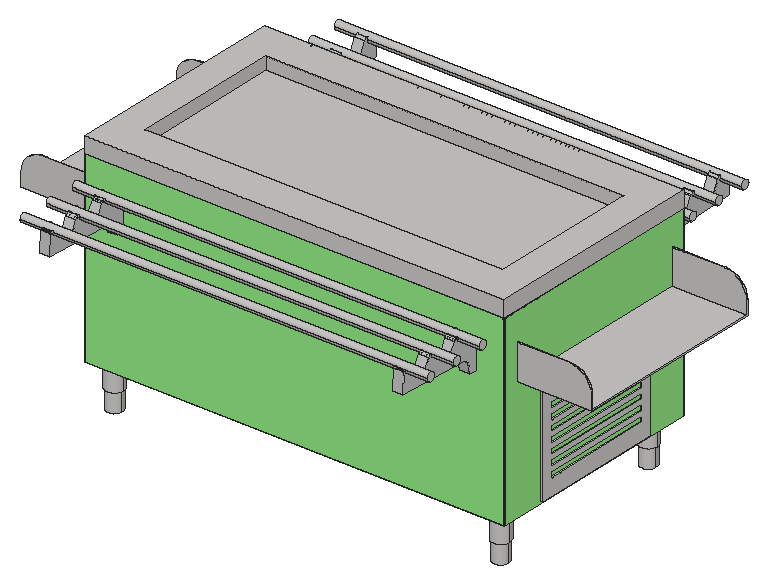
Revit family "QF_BOURGEAT_Self_Meuble_buffet_cuve_froid_statique", category Modèles génériques, Revit 2015
Parameters (values of type "4GN-buffet")
  roues = no
  presentoir = no
  pieds = yes
  lg_presentoir = lg_meuble_et_cuve - 112 mm  # 1422 mm
  lg_meuble_et_cuve = Longueur hors tout - 532 mm  # 1534 mm
  lg_barre = lg_meuble_et_cuve - 44 mm  # 1490 mm
  URL catalogue = "http://www.bourgeat.fr"
  URL = ""
  Type de Raccord Electrique = ""
  Type article = ""
  Type Fluide Frigorigène = "R404a"
  Tension = 230 V
  Spécification du Fabricant = "Meuble buffet cuve froid statique OASIS"
  Remarques Electricité = ""
  Puissance électrique  = 300 W
  Puissance frigorifique = "272W"
  Profondeur hors tout = 1465 mm
  Poids net à vide = 220.00 kg
  Phase = 2
  Niveau Sonore = "60dBa"
  Nature isolant = "mousse polyurethane"
  Modèle = "853594"
  Longueur hors tout = 2066 mm
  Intensité nominale = 1.30435 A
  Indice de protection = "21"
  Hauteur hors tout = 900 mm
  Fréquence = 50 Hz
  Fabricant = "BOURGEAT"
  Contact SAV = "0033(0)4.76.32.14.44"
  Classe Climatique = "3"
  Charge max = 200.00 kg
Types (13, lengths in mm): name | roues | presentoir | pieds | lg_presentoir | lg_meuble_et_cuve | lg_barre | Puissance électrique  | Poids net à vide | Modèle | Longueur hors tout | Intensité nominale | Hauteur hors tout
  (no name) | no | no | yes | 1422 | 1534 | 1490 | 300 W | 220.00 kg | "853594" | 2066 | 1.30435 A | 900
  5GN-buffet | no | no | yes | 1739 | 1851 | 1807 | 300 W | 250.00 kg | "853595" | 2383 | 1.30435 A | 900
  5GN-buffet+presentoir_lampe_fluorecente | no | yes | yes | 1739 | 1851 | 1807 | 340 W | 277.00 kg | "853595+853335" | 2383 | 1.47826 A | 1330
  5GN-buffet+presentoir_lampe_LED | no | yes | yes | 1739 | 1851 | 1807 | 340 W | 277.00 kg | "853595+853345" | 2383 | 1.47826 A | 1330
  5GN-buffet+roues | yes | no | no | 1739 | 1851 | 1807 | 300 W | 250.00 kg | "853595+854950" | 2383 | 1.30435 A | 900
  5GN-buffet+presentoir_lampe_fluorecente+roues | yes | yes | no | 1739 | 1851 | 1807 | 340 W | 277.00 kg | "853595+853335+854950" | 2383 | 1.47826 A | 1330
  5GN-buffet+presentoir_lampe_LED+roues | yes | yes | no | 1739 | 1851 | 1807 | 340 W | 277.00 kg | "853595+853345+854950" | 2383 | 1.47826 A | 1330
  4GN-buffet | no | no | yes | 1422 | 1534 | 1490 | 300 W | 220.00 kg | "853594" | 2066 | 1.30435 A | 900
  4GN-buffet+presentoir_lampe_fluorecente | no | yes | yes | 1422 | 1534 | 1490 | 332 W | 242.00 kg | "853594+853334" | 2066 | 1.44348 A | 900
  4GN-buffet+presentoir_lampe_LED | no | yes | yes | 1422 | 1534 | 1490 | 332 W | 242.00 kg | "853594+853344" | 2066 | 1.44348 A | 900
  4GN-buffet+roues | yes | no | no | 1422 | 1534 | 1490 | 300 W | 220.00 kg | "853594+854950" | 2066 | 1.30435 A | 900
  4GN-buffet+presentoir_lampe_fluorecente+roues | no | yes | yes | 1422 | 1534 | 1490 | 332 W | 242.00 kg | "853594+853334+854950" | 2066 | 1.44348 A | 900
  4GN-buffet+presentoir_lampe_LED+roues | yes | yes | no | 1422 | 1534 | 1490 | 332 W | 242.00 kg | "853594+853344+854950" | 2066 | 1.44348 A | 900
Reference planes
  plane 1 "Centre (avant/arrière)": y = 0
  plane 2: z = 0
  plane 3 "Centre (gauche/droite)": x = 0
  plane 4: z = 630
  plane 5: x = -1751
  plane 6: y = 100
  plane 7: x = -100
  plane 8: y = 720
  plane 9: z = 610
Dimensions and locks
  locked: plane 9 to plane 2 at 610
  locked: plane 4 to plane 2 at 630
  aligned and locked: level to plane 2
  aligned and locked: plane 3 "Centre (gauche/droite)" to nested 1
  aligned and locked: plane 1 "Centre (avant/arrière)" to nested 1
  aligned and locked: nested 1 to nested 2
  aligned and locked: nested 2 to nested 1  (x2)
  aligned and locked: nested 2 to nested 3
  aligned and locked: nested 2 to nested 4
  aligned and locked: nested 3 to nested 1
  aligned and locked: nested 4 to nested 1
  aligned and locked: plane 4 to nested 4
  aligned and locked: plane 4 to nested 3
  aligned and locked: nested 5 to nested 2
  aligned and locked: nested 2 to nested 5  (x2)
  aligned and locked: nested 7 to nested 1
  aligned and locked: nested 6 to nested 1
  aligned and locked: nested 6 to plane 9
  aligned and locked: nested 7 to plane 9
  aligned and locked: nested 5 to nested 6
  aligned and locked: nested 5 to nested 7
  aligned and locked: nested 8 to nested 1
Nested families
  nested 1: "corps_meuble" at (0, 0, 160), type "corps_meuble"
    with roues no, pieds yes
  nested 2: "cuve_buffet" at (-767, 410, 790), type "cuve_30"
  nested 3: "barre_et_console" at (-767, 820, 455), type "barre_et_console"
  nested 4: "barre_et_console" at (-767, 0, 455) x (-1, 0, 0) z (0, 0, 1), type "barre_et_console"
  nested 5: "presentoir_buffet" at (-767, 410, 551.997) x (0, 1, 0) z (0, 0, 1), visible <- "presentoir", type "presentoir_buffet"
  nested 6: "support_couverts" at (-1811, 410, 610) x (0, 1, 0) z (0, 0, 1), type "support_couverts"
  nested 7: "support_couverts" at (277, 410, 610) x (0, -1, 0) z (0, 0, 1), type "support_couverts"
  nested 8: "porte_groupe_froid" at (0, 408.676, 0) x (0, 1, 0) z (0, 0, 1), type "porte_groupe_froid"
Connectors
  electrical at (-88, 203, 146.852), driven by "Tension"
    settings: on nested 1, index 1, voltage 230 V, apparent load 0 VA, apparent load phase1 300 VA, apparent load phase2 0 VA, apparent load phase3 0 VA, power factor 1, load classification "Autre", number of poles 1, system type 30, power factor state 1, is connector primary yes, connector utility no, sub classification motor no, connector description ""
Definition of nested family "corps_meuble"
  Parameters (values of type "corps_meuble")
    roues = yes
    pieds = no
    lg_meuble = Largeur_hors_tout - 532 mm  # 1534 mm
    Largeur_hors_tout = 2066 mm
  Reference planes
    plane 1 "Centre (avant/arrière)": y = 0
    plane 2: z = 0
    plane 3 "Centre (gauche/droite)": x = 0
    plane 4: z = 680
    plane 5: x = -767
    plane 6: x = -1534
    plane 7: x = -60
    plane 8: y = 410
    plane 9: x = -1474
    plane 10: y = 760
    plane 11: y = 60
    plane 12: z = 580
    plane 13: y = 203
    plane 14: x = -88
    plane 15: x = -1535
    plane 16: y = 821.014
    plane 17: x = 1
    plane 18: y = -1
  Forms (mm)
    Extrusion 1, solid
      sketch origin (0, 4.186, 0) x (1, 0, 0) y (0, 1, 0)
        loop
          line (-1534, 815.814) -> (-1534, -4.186) -> (0, -4.186) -> (0, 815.814) -> (-193, 815.814) -> (-1298, 815.814) -> (-1534, 815.814)
      from 0 to 680
    Extrusion 2, void
      sketch origin (0, 0, 0) x (1, 0, 0) y (0, 1, 0)
        loop
          line (-1474, 760) -> (-1474, 60) -> (-60, 60) -> (-60, 760) -> (-1474, 760)
      from 580 to 765.361
    Extrusion 3, solid
      sketch origin (0, 0, 0) x (1, 0, 0) y (0, 1, 0)
        loop
          circle (-88, 203) r 10
      from 0 to -13.148
    Extrusion 4, solid
      sketch origin (0, 0, 0) x (1, 0, 0) y (0, 1, 0)
        loop
          line (-1535, -1) -> (1, -1) -> (1, 0) -> (-1535, 0) -> (-1535, -1)
        loop
          line (-1535, 821.014) -> (-1535, 820) -> (1, 820) -> (1, 821.014) -> (-1535, 821.014)
      from 0 to 680
    Extrusion 5, solid
      sketch origin (0, 0, 0) x (1, 0, 0) y (0, 1, 0)
        loop
          line (-1535, 0) -> (-1534, 0) -> (-1534, 820) -> (-1535, 820) -> (-1535, 0)
        loop
          line (1, 820) -> (0, 820) -> (0, 0) -> (1, 0) -> (1, 820)
      from 0 to 680
  Cuts and joins
    Extrusion 2 cuts Extrusion 1
  Dimensions and locks
    locked: plane 4 to plane 2 at 680
    "lg_meuble": plane 6 to plane 3 "Centre (gauche/droite)"
    equal spacing: plane 6, plane 5, plane 3 "Centre (gauche/droite)"
    locked: plane 7 to plane 3 "Centre (gauche/droite)" at 60
    locked: plane 1 "Centre (avant/arrière)" to Extrusion 1 at 820
    plane 1 "Centre (avant/arrière)" to plane 8 = 410 mm
    locked: plane 6 to plane 9 at 60
    locked: Extrusion 1 to plane 10 at 60
    plane 1 "Centre (avant/arrière)" to plane 11 = 60 mm
    plane 4 to plane 12 = 100 mm
    locked: plane 14 to plane 3 "Centre (gauche/droite)" at 88
    aligned and locked: level to plane 2
    aligned and locked: Extrusion 1 sketch curve to Extrusion 1 sketch curve
    aligned and locked: plane 4 to Extrusion 1
    aligned and locked: Extrusion 1 to Extrusion 1
    aligned and locked: plane 1 "Centre (avant/arrière)" to Extrusion 1
    aligned and locked: Extrusion 1 to plane 6
    aligned and locked: Extrusion 2 sketch curve to plane 10
    aligned and locked: Extrusion 2 sketch curve to plane 9
    aligned and locked: Extrusion 2 sketch curve to plane 11
    aligned and locked: Extrusion 2 sketch curve to plane 7
    aligned and locked: cut or joined group of Extrusion 1, Extrusion 2 to plane 12
    aligned and locked: nested 1 to plane 10
    aligned and locked: plane 11 to nested 2
    aligned and locked: nested 2 to plane 9
    aligned and locked: nested 3 to plane 10
    aligned and locked: plane 11 to nested 4
    aligned and locked: nested 4 to plane 7
    aligned and locked: plane 9 to nested 6
    aligned and locked: plane 11 to nested 5
    aligned and locked: nested 5 to plane 9
    aligned and locked: plane 11 to nested 8
    aligned and locked: nested 8 to plane 7
    aligned and locked: nested 7 to plane 10
    aligned and locked: nested 4 to plane 2
    aligned and locked: nested 3 to plane 2
    aligned and locked: nested 7 to plane 2
    aligned and locked: nested 2 to plane 2
    aligned and locked: nested 1 to plane 2
    aligned and locked: nested 5 to plane 2
    aligned and locked: nested 6 to plane 2
    aligned and locked: plane 9 to nested 1
    aligned and locked: plane 14 to Extrusion 3 sketch curve
    aligned and locked: plane 13 to Extrusion 3 sketch curve
    aligned and locked: Extrusion 3 to nested 7
    aligned and locked: plane 18 to Extrusion 4 sketch curve
    aligned and locked: Extrusion 4 sketch curve to plane 1 "Centre (avant/arrière)"
    aligned and locked: plane 17 to Extrusion 4 sketch curve
    aligned and locked: plane 15 to Extrusion 4 sketch curve
    aligned and locked: Extrusion 4 sketch curve to plane 16
    aligned and locked: Extrusion 4 sketch curve to cut or joined group of Extrusion 1, Extrusion 2
    aligned and locked: Extrusion 4 sketch curve to plane 17
    aligned and locked: Extrusion 5 sketch curve to Extrusion 4  (x2)
    aligned and locked: cut or joined group of Extrusion 1, Extrusion 2 to Extrusion 5 sketch curve  (x2)
    aligned and locked: Extrusion 5 sketch curve to cut or joined group of Extrusion 1, Extrusion 2  (x3)
    aligned and locked: plane 1 "Centre (avant/arrière)" to Extrusion 5 sketch curve
    aligned and locked: Extrusion 4 to Extrusion 5
    aligned and locked: plane 4 to Extrusion 4
  Automatic sketch dimensions
    Extrusion 1 sketch curve to plane 1 "Centre (avant/arrière)" = 0 mm
    Extrusion 1 sketch curve to plane 3 "Centre (gauche/droite)" = 0 mm
    Extrusion 1 sketch curve to plane 5 = 531 mm
    Extrusion 1 sketch curve to plane 5 = 767 mm
    Extrusion 1 sketch curve to plane 1 "Centre (avant/arrière)" = 820 mm
    Extrusion 1 sketch curve to Extrusion 1 sketch curve = 820 mm
    Extrusion 1 sketch curve to Extrusion 1 sketch curve = 0 mm  (x3)
    Extrusion 1 sketch curve to plane 7 = 133 mm
    Extrusion 4 sketch curve to plane 15 = 0 mm
    radius of Extrusion 3 sketch curve = 10 mm
  Nested families
    nested 1: "pied" at (-1474, 760, -160), visible <- "pieds", type "pied"
    nested 2: "pied" at (-1474, 60, -160), visible <- "pieds", type "pied"
    nested 3: "pied" at (-80, 760, -160), visible <- "pieds", type "pied"
    nested 4: "pied" at (-60, 60, -160), visible <- "pieds", type "pied"
    nested 5: "roue_ht160" at (-1474, 60, -160.21), visible <- "roues", type "roue_ht160"
      with Sans frein yes, Avec frein yes
    nested 6: "roue_ht160" at (-1474, 740, -160.21), visible <- "roues", type "roue_ht160"
      with Sans frein yes, Avec frein yes
    nested 7: "roue_ht160" at (-80, 760, -160.21), visible <- "roues", type "roue_ht160"
      with Sans frein yes, Avec frein yes
    nested 8: "roue_ht160" at (-60, 60, -160.21), visible <- "roues", type "roue_ht160"
      with Sans frein yes, Avec frein yes
  Definition of nested family "pied"
    Reference planes
      plane 1 "Centre (avant/arrière)": y = 0
      plane 2: z = 0
      plane 3 "Centre (gauche/droite)": x = 0
    Forms (mm)
      Revolve 1, solid
        sketch origin (0, 0, 0) x (1, 0, 0) y (0, 0, 1)
          loop
            line (0, 160) -> (-33, 160) -> (-33, 70) -> (-28, 70) -> (-28, 0) -> (0, 0) -> (0, 160)
          axis (0, 160) -> (0, 0)
        angle from 0 to 360
    Dimensions and locks
      plane 3 "Centre (gauche/droite)" to Revolve 1 sketch curve = 28 mm
      Revolve 1 sketch curve to plane 3 "Centre (gauche/droite)" = 33 mm
      Revolve 1 sketch curve to plane 2 = 70 mm
      Revolve 1 sketch curve to Revolve 1 sketch curve = 90 mm
      aligned and locked: level to plane 2
  Definition of nested family "roue_ht160"
    Parameters (values of type "roue_ht160")
      Sans frein [instance] = yes
      Avec frein [instance] = yes
    Reference planes
      plane 1 "Centre (avant/arrière)": y = 0
      plane 2: z = 0
      plane 3 "Centre (gauche/droite)": x = 0
      plane 4: y = 40.851
      plane 5: z = 62.5
    Forms (mm)
      Extrusion 1, solid
        sketch origin (0, 0, 0) x (0, 1, 0) y (0, 0, 1)
          loop
            circle (40.851, 62.5) r 62.5
          loop
            circle (40.851, 62.5) r 57.5
        from -12.5 to 12.5
      Revolve 2, solid
        sketch origin (0, 0, 0) x (0, 1, 0) y (0, 0, 1)
          loop
            line (0, 160.21) -> (-20.149, 160.21) -> (-20.149, 159.41) -> (-21.6, 159.41)
            arc (-21.6, 159.41) -> (-24.448, 158.65) -> (-26.537, 156.572) r 5.712
            line (-26.537, 156.572) -> (-30.146, 147.743) -> (-26.999, 147.062) -> (-26.999, 146.112)
            arc (-26.999, 146.112) -> (-27.23, 145.314) -> (-27.849, 144.761) r 1.5
            arc (-27.849, 144.761) -> (-29.223, 143.633) -> (-29.923, 142) r 3.75
            line (-29.923, 142) -> (0, 142) -> (0, 160.21)
          axis (0, 160.21) -> (0, 142)
        angle from 0 to 360
      Extrusion 3, solid
        sketch origin (0, 0, 0) x (0, 1, 0) y (0, 0, -1)
          loop
            line (-29.974, -138.241) -> (-29.974, -142) -> (21.747, -142) -> (21.747, -60.336)
            arc (21.747, -60.336) -> (10.272, -70.702) -> (-0.149, -82.127) r 160.057
            arc (-0.149, -82.127) -> (-17.883, -108.684) -> (-29.974, -138.241) r 159.585
        from -24.913 to -23.038
      Extrusion 4, solid
        sketch origin (0, 0, 0) x (0, 1, 0) y (0, 0, 1)
          loop
            line (-29.974, 142) -> (-29.974, 140.869) -> (21.747, 140.869) -> (21.747, 142) -> (-29.974, 142)
        from -23.038 to 23.038
      Extrusion 5, solid
        sketch origin (0, 0, 0) x (0, 1, 0) y (0, 0, 1)
          loop
            circle (40.851, 62.5) r 57.5
          loop
            circle (40.851, 62.5) r 55
        from -12.5 to 12.5
      Extrusion 6, solid
        sketch origin (0, 0, 0) x (0, 1, 0) y (0, 0, 1)
          loop
            circle (40.851, 62.5) r 55
        from -7 to 7
      Extrusion 7, solid
        sketch origin (0, 0, 0) x (0, 1, 0) y (0, 0, 1)
          loop
            circle (40.851, 62.5) r 21
        from 7 to 15
      Extrusion 8, solid
        sketch origin (0, 0, 0) x (0, 1, 0) y (0, 0, -1)
          loop
            circle (40.851, -62.5) r 16
        from -23.038 to -15
      Extrusion 9, solid, visible <- "Sans frein"
        sketch origin (0, 0, 0) x (0, 1, 0) y (0, 0, 1)
          loop
            arc (21.747, 60.336) -> (23.188, 59.17) -> (24.642, 58.02) r 161.23
            arc (24.642, 58.02) -> (29.34, 54.513) -> (34.187, 51.216) r 133.333
            arc (34.187, 51.216) -> (46.517, 50.3) -> (53.927, 60.198) r 12.867
            arc (53.927, 60.198) -> (54.714, 99.183) -> (46.119, 137.216) r 161.222
            arc (46.119, 137.216) -> (45.679, 138.887) -> (45.531, 140.609) r 10.076
            line (45.531, 140.609) -> (45.531, 142) -> (21.747, 142) -> (21.747, 60.336)
        from 23.038 to 24.913
      Extrusion 10, solid, visible <- "Sans frein"
        sketch origin (0, 0, 0) x (0, 1, 0) y (0, 0, 1)
          loop
            line (21.747, 142) -> (21.747, 140.701) -> (48.851, 140.701) -> (48.851, 142) -> (21.747, 142)
        from -23.038 to 23.038
      Extrusion 11, solid, visible <- "Avec frein"
        sketch origin (0, 0, 0) x (0, 1, 0) y (0, 0, 1)
          loop
            line (21.747, 142) -> (21.747, 60.336)
            arc (21.747, 60.336) -> (23.177, 59.179) -> (24.62, 58.038) r 160.008
            arc (24.62, 58.038) -> (29.041, 54.705) -> (33.574, 51.527) r 160
            arc (33.574, 51.527) -> (46.135, 50.422) -> (53.724, 60.491) r 13
            arc (53.724, 60.491) -> (55.279, 82.092) -> (53.902, 103.704) r 160
            arc (53.902, 103.704) -> (55.53, 108.653) -> (60.415, 110.463) r 6
            arc (60.415, 110.463) -> (80.625, 109.924) -> (100.725, 112.107) r 150
            arc (100.725, 112.107) -> (104.408, 113.406) -> (107.479, 115.819) r 12
            line (107.479, 115.819) -> (110.851, 121.523)
            arc (110.851, 121.523) -> (85.913, 134.651) -> (58.706, 142) r 127.902
            line (58.706, 142) -> (21.747, 142)
        from 23.038 to 24.913
      Extrusion 12, solid, visible <- "Avec frein"
        sketch origin (0, 0, 0) x (0, 1, 0) y (0, 0, 1)
          loop
            line (58.706, 142) -> (21.747, 142) -> (21.747, 140) -> (58.552, 140)
            arc (58.552, 140) -> (85.253, 132.762) -> (109.73, 119.866) r 125.902
            line (109.73, 119.866) -> (110.851, 121.523)
            arc (110.851, 121.523) -> (85.913, 134.651) -> (58.706, 142) r 127.902
        from -23.038 to 23.038
      Extrusion 13, solid, visible <- "Avec frein"
        sketch origin (0, 19.896, 18.175) x (0, 1, 0) y (0, 0, 1)
          loop
            line (87.583, 97.644) -> (91.829, 95.227)
            arc (91.829, 95.227) -> (93.8, 95.006) -> (95.312, 96.29) r 2.5
            arc (95.312, 96.29) -> (103.495, 100.002) -> (111.176, 104.666) r 74.999
            line (111.176, 104.666) -> (110.852, 105.929)
            arc (110.852, 105.929) -> (110.04, 107.086) -> (108.666, 107.417) r 2
            arc (108.666, 107.417) -> (101.396, 105.849) -> (94.512, 103.034) r 42.354
            line (94.512, 103.034) -> (93.479, 101.228) -> (93.285, 100.414) -> (91.69, 101.675) -> (90.401, 102.412) -> (87.583, 97.644)
        from -23.038 to 23.038
      Extrusion 14, solid, not visible
        sketch origin (0, 0, 0) x (0, 1, 0) y (0, 0, -1)
          loop
            line (-29.974, -138.241) -> (-29.974, -142) -> (21.747, -142) -> (21.747, -60.336)
            arc (21.747, -60.336) -> (10.272, -70.702) -> (-0.149, -82.127) r 160.057
            arc (-0.149, -82.127) -> (-17.883, -108.684) -> (-29.974, -138.241) r 159.585
        from -24.913 to -23.038
      Extrusion 15, solid, not visible
        sketch origin (0, 0, 0) x (0, 1, 0) y (0, 0, 1)
          loop
            circle (40.851, 62.5) r 21
        from 7 to 15
      Extrusion 16, solid, not visible
        sketch origin (0, 0, 0) x (0, 1, 0) y (0, 0, -1)
          loop
            circle (40.851, -62.5) r 16
        from -23.038 to -15
      Extrusion 17, solid, visible <- "Sans frein", not visible
        sketch origin (0, 0, 0) x (0, 1, 0) y (0, 0, 1)
          loop
            arc (21.747, 60.336) -> (23.188, 59.17) -> (24.642, 58.02) r 161.23
            arc (24.642, 58.02) -> (29.34, 54.513) -> (34.187, 51.216) r 133.333
            arc (34.187, 51.216) -> (46.517, 50.3) -> (53.927, 60.198) r 12.867
            arc (53.927, 60.198) -> (54.714, 99.183) -> (46.119, 137.216) r 161.222
            arc (46.119, 137.216) -> (45.679, 138.887) -> (45.531, 140.609) r 10.076
            line (45.531, 140.609) -> (45.531, 142) -> (21.747, 142) -> (21.747, 60.336)
        from 23.038 to 24.913
      Extrusion 18, solid, visible <- "Avec frein", not visible
        sketch origin (0, 0, 0) x (0, 1, 0) y (0, 0, 1)
          loop
            line (21.747, 142) -> (21.747, 60.336)
            arc (21.747, 60.336) -> (23.177, 59.179) -> (24.62, 58.038) r 160.008
            arc (24.62, 58.038) -> (29.041, 54.705) -> (33.574, 51.527) r 160
            arc (33.574, 51.527) -> (46.135, 50.422) -> (53.724, 60.491) r 13
            arc (53.724, 60.491) -> (55.279, 82.092) -> (53.902, 103.704) r 160
            arc (53.902, 103.704) -> (55.53, 108.653) -> (60.415, 110.463) r 6
            arc (60.415, 110.463) -> (80.625, 109.924) -> (100.725, 112.107) r 150
            arc (100.725, 112.107) -> (104.408, 113.406) -> (107.479, 115.819) r 12
            line (107.479, 115.819) -> (110.851, 121.523)
            arc (110.851, 121.523) -> (85.913, 134.651) -> (58.706, 142) r 127.902
            line (58.706, 142) -> (21.747, 142)
        from 23.038 to 24.913
      Extrusion 19, solid
        sketch origin (0, 0, 0) x (0, -1, 0) y (0, 0, -1)
          loop
            arc (29.974, -138.241) -> (17.883, -108.684) -> (0.149, -82.127) r 159.585
            arc (0.149, -82.127) -> (-10.272, -70.702) -> (-21.747, -60.336) r 160.057
            line (-21.747, -60.336) -> (-21.747, -142) -> (29.974, -142) -> (29.974, -138.241)
        from -24.913 to -23.038
      Extrusion 20, solid
        sketch origin (0, 0, 0) x (0, -1, 0) y (0, 0, 1)
          loop
            circle (-40.851, 62.5) r 21
        from 7 to 15
      Extrusion 21, solid
        sketch origin (0, 0, 0) x (0, -1, 0) y (0, 0, -1)
          loop
            circle (-40.851, -62.5) r 16
        from -23.038 to -15
      Extrusion 22, solid, visible <- "Sans frein"
        sketch origin (0, 0, 0) x (0, -1, 0) y (0, 0, 1)
          loop
            line (-21.747, 60.336) -> (-21.747, 142) -> (-45.531, 142) -> (-45.531, 140.609)
            arc (-45.531, 140.609) -> (-45.679, 138.887) -> (-46.119, 137.216) r 10.076
            arc (-46.119, 137.216) -> (-54.714, 99.183) -> (-53.927, 60.198) r 161.222
            arc (-53.927, 60.198) -> (-46.517, 50.3) -> (-34.187, 51.216) r 12.867
            arc (-34.187, 51.216) -> (-29.34, 54.513) -> (-24.642, 58.02) r 133.333
            arc (-24.642, 58.02) -> (-23.188, 59.17) -> (-21.747, 60.336) r 161.23
        from 23.038 to 24.913
      Extrusion 23, solid, visible <- "Avec frein"
        sketch origin (0, 0, 0) x (0, -1, 0) y (0, 0, 1)
          loop
            line (-21.747, 142) -> (-58.706, 142)
            arc (-58.706, 142) -> (-85.913, 134.651) -> (-110.851, 121.523) r 127.902
            line (-110.851, 121.523) -> (-107.479, 115.819)
            arc (-107.479, 115.819) -> (-104.408, 113.406) -> (-100.725, 112.107) r 12
            arc (-100.725, 112.107) -> (-80.625, 109.924) -> (-60.415, 110.463) r 150
            arc (-60.415, 110.463) -> (-55.53, 108.653) -> (-53.902, 103.704) r 6
            arc (-53.902, 103.704) -> (-55.279, 82.092) -> (-53.724, 60.491) r 160
            arc (-53.724, 60.491) -> (-46.135, 50.422) -> (-33.574, 51.527) r 13
            arc (-33.574, 51.527) -> (-29.041, 54.705) -> (-24.62, 58.038) r 160
            arc (-24.62, 58.038) -> (-23.177, 59.179) -> (-21.747, 60.336) r 160.008
            line (-21.747, 60.336) -> (-21.747, 142)
        from 23.038 to 24.913
    Dimensions and locks
      aligned and locked: level to plane 2
Definition of nested family "cuve_buffet"
  Parameters (values of type "cuve_30")
    profondeur_cuve = 48 mm
    lg_cuve = 1534 mm
  Reference planes
    plane 1 "Centre (avant/arrière)": y = 0
    plane 2: z = 0
    plane 3 "Centre (gauche/droite)": x = 0
    plane 4: y = 410
    plane 5: y = -410
    plane 6: x = -767
    plane 7: x = 767
    plane 8: z = 110
    plane 9: y = 277
    plane 10: y = -277
    plane 11: x = 655
    plane 12: x = -655
    plane 13: z = 62
    plane 14: y = -279
    plane 15: x = -657
    plane 16: y = 279
    plane 17: x = 657
    plane 18: z = 50
    plane 19: z = 82
  Forms (mm)
    Extrusion 1, solid
      sketch origin (12, -10, 0) x (1, 0, 0) y (0, 1, 0)
        loop
          line (-779, 420) -> (-779, -400) -> (755, -400) -> (755, 420) -> (-779, 420)
      from 0 to 110
    Extrusion 2, void
      sketch origin (0, 0, 0) x (1, 0, 0) y (0, 1, 0)
        loop
          line (-655, 277) -> (-655, -277) -> (655, -277) -> (655, 277) -> (-655, 277)
      from 62 to 250
    Extrusion 3, void
      sketch origin (0, 0, 0) x (1, 0, 0) y (0, 1, 0)
        loop
          line (-657, 279) -> (-657, -279) -> (657, -279) -> (657, 279) -> (-657, 279)
        loop
          line (-837, 480) -> (-837, -480) -> (837, -480) -> (837, 480) -> (-837, 480)
      from 0 to 50
  Cuts and joins
    Extrusion 2, Extrusion 3 cuts Extrusion 1
  Dimensions and locks
    equal spacing: plane 4, plane 1 "Centre (avant/arrière)", plane 5, locked at 410 each
    plane 4 to plane 5 = 820 mm
    equal spacing: plane 6, plane 3 "Centre (gauche/droite)", plane 7
    "lg_cuve": plane 6 to plane 7
    plane 8 to plane 2 = 110 mm
    locked: plane 5 to plane 10 at 133
    locked: plane 4 to plane 9 at 133
    locked: plane 11 to plane 7 at 112
    locked: plane 6 to plane 12 at 112
    locked: plane 16 to plane 9 at 2
    locked: plane 15 to plane 12 at 2
    locked: plane 14 to plane 10 at 2
    locked: plane 11 to plane 17 at 2
    locked: Extrusion 3 sketch curve to plane 6 at 70
    locked: Extrusion 3 sketch curve to plane 5 at 70
    locked: plane 7 to Extrusion 3 sketch curve at 70
    locked: Extrusion 3 sketch curve to plane 4 at 70
    locked: plane 8 to plane 18 at 60
    locked: cut or joined group of Extrusion 1, Extrusion 2, Extrusion 3 to cut or joined group of Extrusion 1, Extrusion 2, Extrusion 3 at 554
    "profondeur_cuve": plane 8 to plane 13
    aligned and locked: plane 2 to level
    aligned and locked: plane 6 to Extrusion 1 sketch curve
    aligned and locked: Extrusion 1 sketch curve to plane 7
    aligned and locked: plane 8 to Extrusion 1
    aligned and locked: plane 4 to Extrusion 1
    aligned and locked: plane 5 to Extrusion 1
    aligned and locked: Extrusion 2 sketch curve to plane 9
    aligned and locked: Extrusion 2 sketch curve to plane 12
    aligned and locked: Extrusion 2 sketch curve to plane 10
    aligned and locked: Extrusion 2 sketch curve to plane 11
    aligned and locked: cut or joined group of Extrusion 1, Extrusion 2, Extrusion 3 to plane 13
    aligned and locked: Extrusion 3 sketch curve to plane 16
    aligned and locked: Extrusion 3 sketch curve to plane 15
    aligned and locked: Extrusion 3 sketch curve to plane 14
    aligned and locked: Extrusion 3 sketch curve to plane 17
    aligned and locked: cut or joined group of Extrusion 1, Extrusion 2, Extrusion 3 to plane 18
  Automatic sketch dimensions
    Extrusion 1 sketch curve to plane 5 = 0 mm
    plane 4 to Extrusion 1 sketch curve = 0 mm
Definition of nested family "barre_et_console"
  Parameters (values of type "barre_et_console")
    lg_ht = 1534 mm
    lg_barre_console = lg_ht - 44 mm  # 1490 mm
  Reference planes
    plane 1 "Centre (avant/arrière)": y = 0
    plane 2: z = 0
    plane 3 "Centre (gauche/droite)": x = 0
    plane 4: x = -745
    plane 5: x = 745
    plane 6: x = -645
    plane 7: x = 645
    plane 8: z = 320.378
    plane 9: z = 175
  Dimensions and locks
    locked: plane 4 to plane 6 at 100
    locked: plane 7 to plane 5 at 100
    equal spacing: plane 4, plane 3 "Centre (gauche/droite)", plane 5
    "lg_barre_console": plane 4 to plane 5
    aligned and locked: level to plane 2
    aligned and locked: nested 1 to plane 1 "Centre (avant/arrière)"
    aligned and locked: plane 6 to nested 1
    aligned and locked: plane 7 to nested 2
    aligned and locked: plane 5 to nested 3
    aligned and locked: nested 3 to plane 4
    aligned and locked: plane 8 to nested 3
    aligned and locked: plane 9 to nested 1
  Nested families
    nested 1: "console" at (-645, 0, 0) x (0, 1, 0) z (0, 0, 1), type "console"
    nested 2: "console" at (645, 0, 0) x (0, 1, 0) z (0, 0, 1), type "console"
    nested 3: "barre" at (745, 0, 19.415) x (0, 1, 0) z (0, 0, 1), type "barre"
  Definition of nested family "console"
    Reference planes
      plane 1 "Centre (avant/arrière)": y = 0
      plane 2: z = 0
      plane 3 "Centre (gauche/droite)": x = 0
      plane 4: y = 18
      plane 5: y = -18
      plane 6: y = 0
    Forms (mm)
      Extrusion 1, solid
        sketch origin (-12.245, 0, 175) x (1, 0, 0) y (0, 0, 1)
          loop
            line (12.245, 100) -> (12.245, 0) -> (39.579, 4.82) -> (50.894, 44.279)
            arc (50.894, 44.279) -> (55.986, 52.254) -> (64.592, 56.187) r 16.714
            line (64.592, 56.187) -> (348.499, 69.146) -> (343.309, 143.358)
            arc (343.309, 143.358) -> (342.973, 144.595) -> (342.189, 145.609) r 3.292
            line (342.189, 145.609) -> (337.923, 148.439)
            arc (337.923, 148.439) -> (337.371, 148.545) -> (336.906, 148.229) r 0.731
            arc (336.906, 148.229) -> (320.176, 130.386) -> (309.012, 152.149) r 14.958
            arc (309.012, 152.149) -> (308.597, 152.587) -> (308.001, 152.491) r 0.646
            line (308.001, 152.491) -> (297.265, 144.401) -> (278.874, 108.385)
            arc (278.874, 108.385) -> (262.102, 99.164) -> (245.329, 108.385) r 19.864
            line (245.329, 108.385) -> (229.634, 139.188) -> (217.945, 148.321)
            arc (217.945, 148.321) -> (217.306, 148.53) -> (216.976, 147.944) r 0.53
            arc (216.976, 147.944) -> (200.124, 130.629) -> (188.973, 152.064) r 14.905
            arc (188.973, 152.064) -> (188.691, 152.524) -> (188.154, 152.476) r 0.511
            line (188.154, 152.476) -> (177.098, 144.144) -> (158.855, 108.341)
            arc (158.855, 108.341) -> (142.039, 98.901) -> (125.223, 108.341) r 19.698
            line (125.223, 108.341) -> (109.334, 139.526) -> (97.932, 148.434)
            arc (97.932, 148.434) -> (97.187, 148.438) -> (96.994, 147.718) r 0.61
            arc (96.994, 147.718) -> (79.923, 130.663) -> (69.024, 152.192) r 14.902
            arc (69.024, 152.192) -> (68.66, 152.548) -> (68.158, 152.464) r 0.563
            line (68.158, 152.464) -> (57.103, 144.336) -> (39.164, 108.745)
            arc (39.164, 108.745) -> (33.443, 102.448) -> (25.295, 100) r 15.908
            line (25.295, 100) -> (12.245, 100)
        from -18 to 18
    Dimensions and locks
      plane 4 to plane 5 = 36 mm
      equal spacing: plane 4, plane 6, plane 5, locked at 18 each
      aligned and locked: level to plane 2
      aligned and locked: plane 4 to Extrusion 1
      aligned and locked: Extrusion 1 to plane 5
      aligned and locked: plane 6 to plane 1 "Centre (avant/arrière)"
      aligned and locked: Extrusion 1 to plane 3 "Centre (gauche/droite)"
    Automatic sketch dimensions
      Extrusion 1 sketch curve to Extrusion 1 sketch curve = 12.714 mm
      Extrusion 1 sketch curve to Extrusion 1 sketch curve = 13.05 mm
      Extrusion 1 sketch curve to Extrusion 1 sketch curve = 14.206 mm
      Extrusion 1 sketch curve to Extrusion 1 sketch curve = 27.334 mm
      Extrusion 1 sketch curve to Extrusion 1 sketch curve = 11.315 mm
      Extrusion 1 sketch curve to Extrusion 1 sketch curve = 17.938 mm
      Extrusion 1 sketch curve to Extrusion 1 sketch curve = 13.698 mm
      Extrusion 1 sketch curve to Extrusion 1 sketch curve = 16.057 mm
      Extrusion 1 sketch curve to Extrusion 1 sketch curve = 11.055 mm
      Extrusion 1 sketch curve to Extrusion 1 sketch curve = 0.333 mm
      Extrusion 1 sketch curve to Extrusion 1 sketch curve = 13.785 mm
      Extrusion 1 sketch curve to Extrusion 1 sketch curve = 15.28 mm
      Extrusion 1 sketch curve to Extrusion 1 sketch curve = 0.376 mm
      Extrusion 1 sketch curve to Extrusion 1 sketch curve = 11.401 mm
      Extrusion 1 sketch curve to Extrusion 1 sketch curve = 15.89 mm
      Extrusion 1 sketch curve to Extrusion 1 sketch curve = 16.816 mm  (x2)
      Extrusion 1 sketch curve to Extrusion 1 sketch curve = 18.243 mm
      Extrusion 1 sketch curve to Extrusion 1 sketch curve = 11.057 mm
      Extrusion 1 sketch curve to Extrusion 1 sketch curve = 0.308 mm
      Extrusion 1 sketch curve to Extrusion 1 sketch curve = 13.831 mm
      Extrusion 1 sketch curve to Extrusion 1 sketch curve = 15.204 mm
      Extrusion 1 sketch curve to Extrusion 1 sketch curve = 0.447 mm
      Extrusion 1 sketch curve to Extrusion 1 sketch curve = 11.69 mm
      Extrusion 1 sketch curve to Extrusion 1 sketch curve = 15.695 mm
      Extrusion 1 sketch curve to Extrusion 1 sketch curve = 16.772 mm  (x2)
      Extrusion 1 sketch curve to Extrusion 1 sketch curve = 18.391 mm
      Extrusion 1 sketch curve to Extrusion 1 sketch curve = 10.737 mm
      Extrusion 1 sketch curve to Extrusion 1 sketch curve = 0.389 mm
      Extrusion 1 sketch curve to Extrusion 1 sketch curve = 13.868 mm
      Extrusion 1 sketch curve to Extrusion 1 sketch curve = 15.261 mm
      Extrusion 1 sketch curve to Extrusion 1 sketch curve = 0.404 mm
      Extrusion 1 sketch curve to Extrusion 1 sketch curve = 2.506 mm
      Extrusion 1 sketch curve to Extrusion 1 sketch curve = 2.164 mm
      Extrusion 1 sketch curve to Extrusion 1 sketch curve = 1.12 mm
      Extrusion 1 sketch curve to Extrusion 1 sketch curve = 5.189 mm
      Extrusion 1 sketch curve to Extrusion 1 sketch curve = 4.639 mm
      Extrusion 1 sketch curve to Extrusion 1 sketch curve = 55.721 mm
      Extrusion 1 sketch curve to Extrusion 1 sketch curve = 8.745 mm
      Extrusion 1 sketch curve to Extrusion 1 sketch curve = 10.259 mm
      Extrusion 1 sketch curve to Extrusion 1 sketch curve = 10.642 mm
      Extrusion 1 sketch curve to Extrusion 1 sketch curve = 9.133 mm
      Extrusion 1 sketch curve to Extrusion 1 sketch curve = 31.185 mm
      Extrusion 1 sketch curve to Extrusion 1 sketch curve = 35.803 mm
      Extrusion 1 sketch curve to Extrusion 1 sketch curve = 35.592 mm
      Extrusion 1 sketch curve to Extrusion 1 sketch curve = 3.24 mm
      Extrusion 1 sketch curve to Extrusion 1 sketch curve = 2.946 mm
      Extrusion 1 sketch curve to Extrusion 1 sketch curve = 1.042 mm
      Extrusion 1 sketch curve to Extrusion 1 sketch curve = 0.609 mm
      Extrusion 1 sketch curve to Extrusion 1 sketch curve = 8.427 mm
      Extrusion 1 sketch curve to Extrusion 1 sketch curve = 0.286 mm
      Extrusion 1 sketch curve to Extrusion 1 sketch curve = 0.481 mm
      Extrusion 1 sketch curve to Extrusion 1 sketch curve = 0.516 mm
      Extrusion 1 sketch curve to Extrusion 1 sketch curve = 7.674 mm
      Extrusion 1 sketch curve to Extrusion 1 sketch curve = 7.924 mm
      Extrusion 1 sketch curve to Extrusion 1 sketch curve = 0.453 mm
      Extrusion 1 sketch curve to Extrusion 1 sketch curve = 0.408 mm
      Extrusion 1 sketch curve to Extrusion 1 sketch curve = 0.533 mm
      Extrusion 1 sketch curve to Extrusion 1 sketch curve = 0.511 mm
      Extrusion 1 sketch curve to Extrusion 1 sketch curve = 0.622 mm
      Extrusion 1 sketch curve to Extrusion 1 sketch curve = 4.82 mm
      Extrusion 1 sketch curve to Extrusion 1 sketch curve = 34.82 mm
      Extrusion 1 sketch curve to Extrusion 1 sketch curve = 76.232 mm
      Extrusion 1 sketch curve to Extrusion 1 sketch curve = 37.038 mm
      Extrusion 1 sketch curve to Extrusion 1 sketch curve = 39.239 mm
      Extrusion 1 sketch curve to Extrusion 1 sketch curve = 30.803 mm
      Extrusion 1 sketch curve to Extrusion 1 sketch curve = 34.743 mm
      Extrusion 1 sketch curve to Extrusion 1 sketch curve = 0.23 mm
      Extrusion 1 sketch curve to Extrusion 1 sketch curve = 36.015 mm
      Extrusion 1 sketch curve to Extrusion 1 sketch curve = 2.071 mm
      Extrusion 1 sketch curve to Extrusion 1 sketch curve = 7.575 mm
      Extrusion 1 sketch curve to plane 3 "Centre (gauche/droite)" = 0 mm
      level to Extrusion 1 sketch curve = 175 mm
  Definition of nested family "barre"
    Parameters (values of type "barre")
      lg_barre = 1490 mm
    Reference planes
      plane 1 "Centre (avant/arrière)": y = 0
      plane 2: z = 0
      plane 3 "Centre (gauche/droite)": x = 0
      plane 4: x = 70
      plane 5: x = 190
      plane 6: x = 309
      plane 7: z = 300.963
      plane 8: z = 94.658
      plane 9: y = 0
      plane 10: y = 1490
    Forms (mm)
      Extrusion 1, solid
        sketch origin (0, 0, 0) x (1, 0, 0) y (0, 0, 1)
          loop
            circle (70, 300.963) r 15
          loop
            circle (190, 300.963) r 15
          loop
            circle (309, 300.963) r 15
        from 0 to -1490
    Dimensions and locks
      plane 4 to plane 3 "Centre (gauche/droite)" = 70 mm
      plane 6 to plane 5 to plane 4 = 119 mm, 120 mm
      "lg_barre": plane 10 to plane 1 "Centre (avant/arrière)"
      aligned and locked: level to plane 2
      aligned and locked: Extrusion 1 to plane 9
      aligned and locked: plane 9 to plane 1 "Centre (avant/arrière)"
      aligned and locked: plane 10 to Extrusion 1
    Automatic sketch dimensions
      Extrusion 1 sketch curve to plane 4 = 0 mm
      Extrusion 1 sketch curve to plane 5 = 0 mm
      Extrusion 1 sketch curve to plane 6 = 0 mm
      Extrusion 1 sketch curve to plane 7 = 0 mm  (x3)
      radius of Extrusion 1 sketch curve = 15 mm  (x3)
Definition of nested family "presentoir_buffet"
  Parameters (values of type "presentoir_buffet")
    lg_presentoir = lg_ht - 112 mm  # 1422 mm
    lg_ht = 1534 mm
  Reference planes
    plane 1 "Centre (avant/arrière)": y = 0
    plane 2: z = 0
    plane 3 "Centre (gauche/droite)": x = 0
    plane 4: x = 0
    plane 5: y = 0
    plane 6: z = 348.003
    plane 7: z = 775.003
    plane 8: z = 353.003
    plane 9: z = 770.54
    plane 10: z = 727.003
    plane 11: y = 711
    plane 12: y = -711
    plane 13: y = 711
    plane 14: y = -711
  Forms (mm)
    Extrusion 1, solid
      sketch origin (0, 0, 0) x (1, 0, 0) y (0, 0, 1)
        loop
          line (-240.07, 650.474) -> (-234.874, 647.474) -> (-219.875, 673.453)
          arc (-219.875, 673.453) -> (-158.748, 734.58) -> (-75.248, 756.953) r 167
          line (-75.248, 756.953) -> (75.248, 756.953)
          arc (75.248, 756.953) -> (158.748, 734.58) -> (219.875, 673.453) r 167
          line (219.875, 673.453) -> (234.874, 647.474) -> (240.07, 650.474) -> (224.372, 677.664)
          arc (224.372, 677.664) -> (162.532, 739.756) -> (78.024, 762.953) r 170.59
          line (78.024, 762.953) -> (-75.248, 762.953)
          arc (-75.248, 762.953) -> (-161.33, 740.45) -> (-224.372, 677.664) r 170.59
          line (-224.372, 677.664) -> (-240.07, 650.474)
      from -666 to 666
    Extrusion 2, solid
      sketch origin (0, 0, 0) x (1, 0, 0) y (0, 1, 0)
        loop
          line (-25, 711) -> (-30.461, 666) -> (30.461, 666) -> (25, 711)
          arc (25, 711) -> (0, 686) -> (-25, 711) r 25
        loop
          arc (-25, -711) -> (0, -686) -> (25, -711) r 25
          line (25, -711) -> (30.461, -666) -> (-30.461, -666) -> (-25, -711)
      from 727.003 to 770.54
    Extrusion 3, solid
      sketch origin (0, -234, 0) x (1, 0, 0) y (0, 1, 0)
        loop
          circle (0, 945) r 21.2
        loop
          circle (0, -477) r 21.2
      from 353.003 to 775.003
    Revolve 4, solid
      sketch origin (0, 0, 0) x (0, 1, 0) y (0, 0, 1)
        loop
          line (-711, 353.003) -> (-732.2, 353.003) -> (-736, 349.203) -> (-736, 348.003) -> (-711, 348.003) -> (-711, 353.003)
        axis (-711, 353.003) -> (-711, 348.003)
      angle from 0 to 360
    Revolve 5, solid
      sketch origin (0, 0, 0) x (0, -1, 0) y (0, 0, 1)
        loop
          line (-711, 353.003) -> (-732.2, 353.003) -> (-736, 349.203) -> (-736, 348.003) -> (-711, 348.003) -> (-711, 353.003)
        axis (-711, 353.003) -> (-711, 348.003)
      angle from 0 to 360
  Dimensions and locks
    equal spacing: plane 11, plane 1 "Centre (avant/arrière)", plane 12
    "lg_presentoir": plane 11 to plane 12
    locked: Extrusion 2 sketch curve to plane 14 at 45
    locked: plane 13 to Extrusion 2 sketch curve at 45
    aligned and locked: level to plane 2
    aligned and locked: plane 3 "Centre (gauche/droite)" to plane 4
    aligned and locked: Extrusion 3 to plane 7
    aligned and locked: Extrusion 3 to plane 8
    aligned and locked: Extrusion 2 to plane 9
    aligned and locked: plane 10 to Extrusion 2
    aligned and locked: plane 1 "Centre (avant/arrière)" to plane 5
    aligned and locked: plane 11 to Extrusion 3
    aligned and locked: plane 12 to Extrusion 3
    aligned and locked: plane 13 to plane 11
    aligned and locked: plane 14 to plane 12
    aligned and locked: Extrusion 1 to Extrusion 2  (x2)
  Automatic sketch dimensions
    Extrusion 2 sketch curve to plane 14 = 0 mm
    plane 11 to Extrusion 2 sketch curve = 0 mm
    Extrusion 2 sketch curve to plane 3 "Centre (gauche/droite)" = 0 mm  (x2)
    Extrusion 2 sketch curve to Extrusion 2 sketch curve = 25 mm  (x2)
    Extrusion 2 sketch curve to plane 3 "Centre (gauche/droite)" = 30.461 mm  (x2)
    plane 3 "Centre (gauche/droite)" to Extrusion 2 sketch curve = 30.461 mm  (x2)
    Extrusion 3 sketch curve to plane 3 "Centre (gauche/droite)" = 0 mm  (x2)
    Extrusion 3 sketch curve to plane 12 = 0 mm
    plane 11 to Extrusion 3 sketch curve = 0 mm
    Revolve 4 sketch curve to plane 6 = 0 mm
    Revolve 4 sketch curve to plane 8 = 0 mm
    Revolve 4 sketch curve to plane 12 = 0 mm  (x2)
    Revolve 4 sketch curve to Revolve 4 sketch curve = 21.2 mm
    Revolve 4 sketch curve to Revolve 4 sketch curve = 3.8 mm
    Revolve 4 sketch curve to Revolve 4 sketch curve = 1.2 mm
    Revolve 4 sketch curve to plane 6 = 14.256 mm
    plane 8 to Revolve 4 sketch curve = 30.744 mm
    Revolve 5 sketch curve to plane 6 = 0 mm
    plane 8 to Revolve 5 sketch curve = 0 mm
    Revolve 5 sketch curve to plane 11 = 0 mm  (x2)
    Revolve 5 sketch curve to plane 11 = 21.2 mm
    Revolve 5 sketch curve to Revolve 5 sketch curve = 3.8 mm
    Revolve 5 sketch curve to Revolve 5 sketch curve = 1.2 mm
    plane 6 to Revolve 5 sketch curve = 14.256 mm
    Revolve 5 sketch curve to Revolve 5 sketch curve = 30.744 mm
    plane 10 to Extrusion 1 sketch curve = 79.529 mm  (x2)
    Extrusion 1 sketch curve to Extrusion 1 sketch curve = 5.196 mm
    plane 10 to Extrusion 1 sketch curve = 49.34 mm  (x2)
    Extrusion 1 sketch curve to Extrusion 1 sketch curve = 15.698 mm
    plane 10 to Extrusion 1 sketch curve = 53.55 mm  (x2)
    Extrusion 1 sketch curve to plane 3 "Centre (gauche/droite)" = 76.636 mm
    Extrusion 1 sketch curve to Extrusion 1 sketch curve = 1.388 mm  (x2)
    Extrusion 1 sketch curve to Extrusion 1 sketch curve = 0 mm
    plane 3 "Centre (gauche/droite)" to Extrusion 1 sketch curve = 75.248 mm
    Extrusion 1 sketch curve to Extrusion 1 sketch curve = 4.497 mm
    Extrusion 1 sketch curve to Extrusion 1 sketch curve = 14.999 mm
    Extrusion 1 sketch curve to Extrusion 1 sketch curve = 2.415 mm  (x2)
    plane 10 to Extrusion 1 sketch curve = 134.635 mm
    Extrusion 1 sketch curve to Extrusion 1 sketch curve = 2.776 mm
    Extrusion 1 sketch curve to Extrusion 1 sketch curve = 143.238 mm
    radius of Extrusion 3 sketch curve = 21.2 mm  (x2)
Definition of nested family "support_couverts"
  Reference planes
    plane 1 "Centre (avant/arrière)": y = 0
    plane 2: z = 0
    plane 3 "Centre (gauche/droite)": x = 0
    plane 4: x = 356
    plane 5: x = -356
    plane 6: z = 130
    plane 7: x = -354
    plane 8: z = 2
    plane 9: x = 354
    plane 10: y = -277
  Forms (mm)
    Extrusion 1, solid
      sketch origin (0, 0, 0) x (1, 0, 0) y (0, 0, 1)
        loop
          line (-354, 130) -> (-356, 130) -> (-356, 0) -> (356, 0) -> (356, 130) -> (354, 130) -> (354, 2) -> (-354, 2) -> (-354, 130)
      from 0 to 277
    Extrusion 2, void
      sketch origin (0, 0, 0) x (0, 1, 0) y (0, 0, 1)
        loop
          line (-85, 130) -> (-80, 130)
          arc (-80, 130) -> (-23.431, 106.569) -> (0, 50) r 80
          line (0, 50) -> (25, 50) -> (25, 170) -> (-85, 170) -> (-85, 130)
      from -653.248 to 442.97
  Cuts and joins
    Extrusion 2 cuts Extrusion 1
  Dimensions and locks
    equal spacing: plane 5, plane 3 "Centre (gauche/droite)", plane 4
    plane 5 to plane 4 = 712 mm
    locked: plane 10 to plane 1 "Centre (avant/arrière)" at 277
    aligned and locked: level to plane 2
    aligned and locked: plane 5 to Extrusion 1 sketch curve
    aligned and locked: Extrusion 1 sketch curve to plane 2
    aligned and locked: plane 4 to Extrusion 1 sketch curve
    aligned and locked: Extrusion 1 sketch curve to plane 6
    aligned and locked: Extrusion 1 sketch curve to plane 9
    aligned and locked: Extrusion 1 sketch curve to plane 8
    aligned and locked: Extrusion 1 to plane 10
  Automatic sketch dimensions
    Extrusion 1 sketch curve to plane 7 = 0 mm
    Extrusion 1 sketch curve to plane 6 = 0 mm
    Extrusion 2 sketch curve to plane 6 = 0 mm
    Extrusion 2 sketch curve to plane 1 "Centre (avant/arrière)" = 0 mm
    plane 1 "Centre (avant/arrière)" to Extrusion 2 sketch curve = 80 mm
    Extrusion 2 sketch curve to Extrusion 2 sketch curve = 5 mm
    Extrusion 2 sketch curve to plane 1 "Centre (avant/arrière)" = 25 mm
    plane 6 to Extrusion 2 sketch curve = 40 mm
Definition of nested family "porte_groupe_froid"
  Reference planes
    plane 1 "Centre (avant/arrière)": y = 0
    plane 2: z = 0
    plane 3 "Centre (gauche/droite)": x = 0
    plane 4: z = 170
    plane 5: z = 606.5
    plane 6: x = 245
    plane 7: x = -245
    plane 8: y = -10
    plane 9: x = -350
    plane 10: x = 350
    plane 11: z = 231.5
    plane 12: z = 253
    plane 13: z = 269.5
    plane 14: z = 291
    plane 15: x = -350
    plane 16: x = 350
    plane 17: z = 269.5
    plane 18: z = 291
    plane 19: z = 307.5
    plane 20: z = 329
    plane 21: x = -350
    plane 22: x = 350
    plane 23: z = 307.5
    plane 24: z = 329
    plane 25: z = 345.5
    plane 26: z = 367
    plane 27: x = -350
    plane 28: x = 350
    plane 29: z = 345.5
    plane 30: z = 367
    plane 31: z = 383.5
    plane 32: z = 405
    plane 33: x = -350
    plane 34: x = 350
    plane 35: z = 383.5
    plane 36: z = 405
    plane 37: z = 421.5
    plane 38: z = 443
    plane 39: x = -350
    plane 40: x = 350
    plane 41: z = 421.5
    plane 42: z = 443
    plane 43: z = 459.5
    plane 44: z = 481
    plane 45: x = -350
    plane 46: x = 350
    plane 47: z = 459.5
    plane 48: z = 481
    plane 49: z = 497.5
    plane 50: z = 519
    plane 51: y = -20
    plane 52: x = -210
    plane 53: x = 210
  Forms (mm)
    Extrusion 1, solid
      sketch origin (0, 0, 0) x (1, 0, 0) y (0, 0, 1)
        loop
          line (-245, 606.5) -> (-245, 170) -> (245, 170) -> (245, 606.5) -> (-245, 606.5)
      from 0 to 10
    Extrusion 2, void
      sketch origin (0, 0, 0) x (1, 0, 0) y (0, 0, 1)
        loop
          line (-210, 231.5) -> (210, 231.5) -> (210, 253) -> (-210, 253) -> (-210, 231.5)
      from 0 to 250
    Extrusion 3, void
      sketch origin (0, 0, 38) x (1, 0, 0) y (0, 0, 1)
        loop
          line (-210, 231.5) -> (210, 231.5) -> (210, 253) -> (-210, 253) -> (-210, 231.5)
      from 0 to 250
    Extrusion 4, void
      sketch origin (0, 0, 76) x (1, 0, 0) y (0, 0, 1)
        loop
          line (-210, 231.5) -> (210, 231.5) -> (210, 253) -> (-210, 253) -> (-210, 231.5)
      from 0 to 250
    Extrusion 5, void
      sketch origin (0, 0, 114) x (1, 0, 0) y (0, 0, 1)
        loop
          line (-210, 231.5) -> (210, 231.5) -> (210, 253) -> (-210, 253) -> (-210, 231.5)
      from 0 to 250
    Extrusion 6, void
      sketch origin (0, 0, 152) x (1, 0, 0) y (0, 0, 1)
        loop
          line (-210, 231.5) -> (210, 231.5) -> (210, 253) -> (-210, 253) -> (-210, 231.5)
      from 0 to 250
    Extrusion 7, void
      sketch origin (0, 0, 190) x (1, 0, 0) y (0, 0, 1)
        loop
          line (-210, 231.5) -> (210, 231.5) -> (210, 253) -> (-210, 253) -> (-210, 231.5)
      from 0 to 250
    Extrusion 8, void
      sketch origin (0, 0, 228) x (1, 0, 0) y (0, 0, 1)
        loop
          line (-210, 231.5) -> (210, 231.5) -> (210, 253) -> (-210, 253) -> (-210, 231.5)
      from 0 to 250
    Extrusion 9, solid
      sketch origin (0, 0, 0) x (1, 0, 0) y (0, 0, 1)
        loop
          line (-142.613, 555.371) -> (-142.613, 495.371) -> (142.613, 495.371) -> (142.613, 555.371) -> (-142.613, 555.371)
      from 10 to 20
  Cuts and joins
    Extrusion 2, Extrusion 3, Extrusion 4, Extrusion 5, Extrusion 6, Extrusion 7, Extrusion 8 cuts Extrusion 1
  Dimensions and locks
    plane 4 to plane 2 = 170 mm
    locked: plane 5 to plane 4 at 436.5
    plane 7 to plane 6 = 490 mm
    plane 8 to plane 1 "Centre (avant/arrière)" = 10 mm
    locked: plane 10 to plane 9 at 700
    plane 11 to plane 4 = 61.5 mm
    locked: plane 16 to plane 15 at 700
    locked: plane 22 to plane 21 at 700
    locked: plane 28 to plane 27 at 700
    locked: plane 34 to plane 33 at 700
    locked: plane 40 to plane 39 at 700
    locked: plane 46 to plane 45 at 700
    equal spacing: Extrusion 9 sketch curve, plane 3 "Centre (gauche/droite)", Extrusion 9 sketch curve, locked at 142.613 each
    plane 8 to plane 51 = 10 mm
    locked: plane 52 to plane 7 at 35
    locked: plane 6 to plane 3 "Centre (gauche/droite)" at 245
    locked: plane 6 to plane 53 at 35
    locked: Extrusion 9 to Extrusion 9 at 285.226
    aligned and locked: level to plane 2
    aligned and locked: Extrusion 1 sketch curve to plane 5
    aligned and locked: Extrusion 1 sketch curve to plane 7
    aligned and locked: plane 4 to Extrusion 1 sketch curve
    aligned and locked: Extrusion 1 sketch curve to plane 6
    aligned and locked: Extrusion 1 to plane 8
    aligned and locked: Extrusion 2 sketch curve to plane 11
    aligned and locked: plane 12 to Extrusion 2 sketch curve
    aligned and locked: Extrusion 3 sketch curve to plane 17
    aligned and locked: plane 18 to Extrusion 3 sketch curve
    aligned and locked: Extrusion 4 sketch curve to plane 23
    aligned and locked: plane 24 to Extrusion 4 sketch curve
    aligned and locked: Extrusion 5 sketch curve to plane 29
    aligned and locked: plane 30 to Extrusion 5 sketch curve
    aligned and locked: Extrusion 6 sketch curve to plane 35
    aligned and locked: plane 36 to Extrusion 6 sketch curve
    aligned and locked: Extrusion 7 sketch curve to plane 41
    aligned and locked: plane 42 to Extrusion 7 sketch curve
    aligned and locked: Extrusion 8 sketch curve to plane 47
    aligned and locked: plane 48 to Extrusion 8 sketch curve
    aligned and locked: Extrusion 9 to plane 51
    aligned and locked: plane 8 to Extrusion 9
    aligned and locked: cut or joined group 1 (Extrusion 1, Extrusion 2, Extrusion 3, Extrusion 4, Extrusion 5, Extrusion 6, Extrusion 7, Extrusion 8) to plane 52
    aligned and locked: plane 53 to cut or joined group 1  (x7)
    aligned and locked: Extrusion 8 to Extrusion 2
    aligned and locked: Extrusion 7 to Extrusion 2
    aligned and locked: Extrusion 6 to Extrusion 2
    aligned and locked: Extrusion 5 to Extrusion 2
    aligned and locked: Extrusion 4 to Extrusion 2
